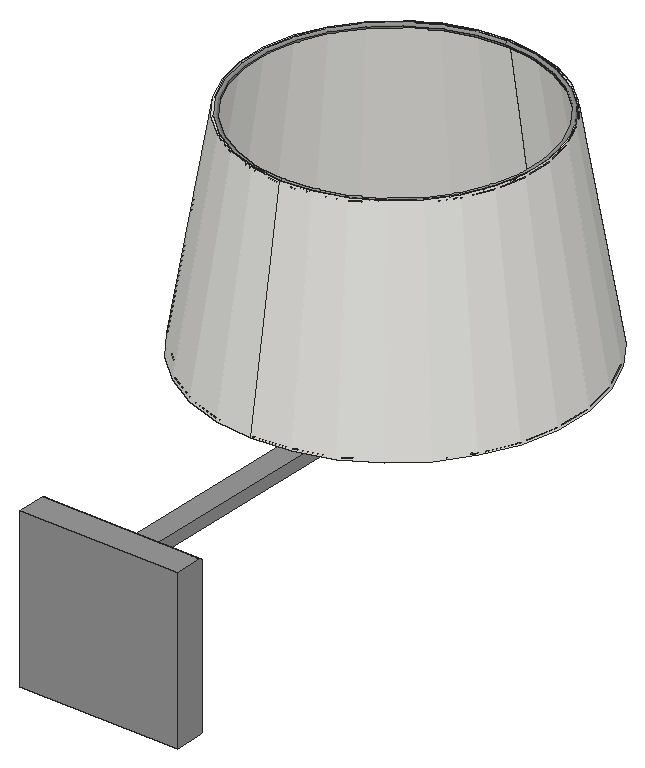
Revit family "Indoor_Wall Lamp_Santa&Cole_Americana", category Luminarias, Revit 2018
Family settings
  Cota de conector redondo = Diámetro de uso
  Tipo de pieza = Normal
  Número OmniClass = 23.80.70.00
  Título OmniClass = Lighting
  Se basa en plano de trabajo = Sí
  Siempre vertical = Sí
  Corte con vacíos al cargar = No
  Origen de luz = Sí
  Compartido = No
  Punto de cálculo de habitación = No
Parameters (values of type "Americana")
  Voltaje (90-305 V) = 220 V
  Wattage = 3.16409 W
  URL = "https://www.santacole.com/en/catalogue/wall-lamps/americana"
  Technical Information = "https://www.santacole.com/recursos/productos/downloads/pdf_espec_tecnicas/AMERICANA_ht_en.pdf"
  built-in parameter 1150110 = 1 (stored number, unit not read)
  Modelo = "Americana"
  Manufacturer website = "https://www.santacole.com"
  built-in parameter 1114217 = 1 (stored number, unit not read)
  built-in parameter 1150109 = 1 (stored number, unit not read)
  Fabricante = "Santa & Cole"
  Energy Label = "https://www.santacole.com/recursos/productos/downloads/pdf_energy_label/Energy%20Label_AMERICANA_without_bulb.pdf"
  Default Elevation = 1219.2 mm
  Designed by = "Miguel Milá. 1964"
  Contact phone = "+34.938.619.100"
  Contact e-mail = "info@santacole.com"
  built-in parameter 1150134 = (empty or 0)
  built-in parameter 1150113 = 1 (stored number, unit not read)
  Lumens = 470 lm
  built-in parameter 1150115 = 1 (stored number, unit not read)
  built-in parameter 1150105 = 37.401 (stored number, unit not read)
  Tamaño de símbolo de origen de luz = 50 mm
  built-in parameter 1150137 = (empty or 0)
  built-in parameter 1150139 = (empty or 0)
  built-in parameter 1150112 = 1 (stored number, unit not read)
  built-in parameter 1150114 = 1 (stored number, unit not read)
  built-in parameter 1150132 = 2
  built-in parameter 1150102 = (empty or 0)
  built-in parameter 1150138 = (empty or 0)
  built-in parameter 1150107 = 2700 (stored number, unit not read)
  built-in parameter 1150106 = 0.37401 (stored number, unit not read)
  built-in parameter 1150104 = 13.8 (stored number, unit not read)
  Code = "SAM12+SAMP8"
  Carga aparente = 4.5 VA
  Dimming Lamp Color Temperature Shift = (empty or 0)
  Color Filter = 16777215
  built-in parameter 1114218 = 1 (stored number, unit not read)
  Assembly instructions - UL = "https://www.santacole.com/recursos/productos/downloads/pdf_montaje/AMERICANA_aplique_im_UL.pdf"
  Assembly instructions - CE = "https://www.santacole.com/recursos/productos/downloads/pdf_montaje/AMERICANA_aplique_im.pdf"
  built-in parameter 1150133 = 10 (stored number, unit not read)
Reference planes
  plane 1 "Eje de origen de luz (F/P)": y = 0
  plane 2: z = 0
  plane 3 "Eje de origen de luz (I/D)": x = 0
  plane 4 "Elevación de origen de luz": z = 205
Forms (mm)
  Blend 1, solid, not visible
    base sketch origin (36.867, 153.179, 1765.164) x (-0.551937, 0.833886, 0) y (-0.833886, -0.551937, 0)
      loop
        line (-50.966, 0.411) -> (-50.966, -0.489) -> (-50.043, -0.489) -> (-50.043, 0.411) -> (-50.966, 0.411)
    top sketch origin (36.867, 153.179, 1765.164) x (-0.551937, 0.833886, 0) y (-0.833886, -0.551937, 0)
      loop
        line (-47.638, 0.875) -> (-47.638, 1.775) -> (-48.561, 1.775) -> (-48.561, 0.875) -> (-47.638, 0.875)
    from -112.076 to -105.022
  Blend 2, solid, not visible
    base sketch origin (-50.305, 123.446, 1917.584) x (0.96363, 0.267238, 0) y (-0.267238, 0.96363, 0)
      loop
        line (-50.966, 0.411) -> (-50.966, -0.489) -> (-50.043, -0.489) -> (-50.043, 0.411) -> (-50.966, 0.411)
    top sketch origin (-50.305, 123.446, 1917.584) x (0.96363, 0.267238, 0) y (-0.267238, 0.96363, 0)
      loop
        line (-47.638, 0.875) -> (-47.638, 1.775) -> (-48.561, 1.775) -> (-48.561, 0.875) -> (-47.638, 0.875)
    from -112.484 to -105.022
  Sweep 3, solid, not visible
    path origin (294.44, -207.288, 170.345) x (0, -1, 0) y (0, 0, 1)
      loop
        line (-293, 1511.9) -> (-278.776, 1511.9) -> (-221.503, 1484.838)
    profile origin (294.44, 78.6, 1682.245) x (0, 0, 1) y (-1, 0, 0)
      loop
        circle (-1, 330.796) r 1
  Extrusion 4, solid, material "Santa & Cole - Nickel"
    sketch origin (0, 0, 0) x (0, 1, 0) y (0, 0, 1)
      loop
        line (19.72, 110) -> (0, 110) -> (0, 0) -> (19.7, 0)
        arc (19.7, 0) -> (20.619, 0.381) -> (21, 1.3) r 1.3
        line (21, 1.3) -> (21, 108.72)
        arc (21, 108.72) -> (20.625, 109.625) -> (19.72, 110) r 1.28
    from -55 to 55
  Extrusion 5, solid, material "Santa & Cole - Nickel"
    sketch origin (1.878, 0, 0) x (1, 0, 0) y (0, 1, 0)
      loop
        line (-11.878, 21) -> (8.122, 21) -> (8.122, 35)
        arc (8.122, 35) -> (-1.878, 45) -> (-11.878, 35) r 10
        line (-11.878, 35) -> (-11.878, 21)
    from 25.5 to 84.5
  Revolve 6, solid, material "Santa & Cole - Nickel"
    sketch origin (0, 0, 0) x (0, 1, 0) y (0, 0, 1)
      loop
        line (43, 85.5) -> (35, 85.5) -> (35, 84.5) -> (43, 84.5) -> (43, 85.5)
      axis (35, 85.5) -> (35, 84.5)
    angle from 0 to 360
  Extrusion 7, solid, material "Santa & Cole - Nickel"
    sketch origin (0, 0, 0) x (1, 0, 0) y (0, 1, 0)
      loop
        arc (-8, 35) -> (0, 27) -> (8, 35) r 8
        line (8, 35) -> (8, 259)
        arc (8, 259) -> (0, 267) -> (-8, 259) r 8
        line (-8, 259) -> (-8, 35)
    from 85.5 to 93.5
  Revolve 8, solid, material "Santa & Cole - Nickel"
    sketch origin (0, 0, 0) x (0, 1, 0) y (0, 0, 1)
      loop
        line (266.5, 114.5) -> (259, 114.5) -> (259, 93.5) -> (266.5, 93.5) -> (266.5, 114.5)
      axis (259, 114.5) -> (259, 93.5)
    angle from 0 to 360
  Revolve 9, solid, material "Santa & Cole - Nickel"
    sketch origin (0, 0, 0) x (0, 1, 0) y (0, 0, 1)
      loop
        line (268, 116.1) -> (259, 116.1) -> (259, 114.5) -> (268, 114.5) -> (268, 116.1)
      axis (259, 116.1) -> (259, 114.5)
    angle from 0 to 360
  Revolve 10, solid
    sketch origin (0, 0, 0) x (0, 1, 0) y (0, 0, 1)
      loop
        line (278, 168.8) -> (278, 174.1) -> (259, 174.1) -> (259, 116.1) -> (269.35, 116.1)
        arc (269.35, 116.1) -> (274.491, 122.558) -> (276.35, 130.6) r 18.692
        line (276.35, 130.6) -> (278, 131.7) -> (278, 149.8) -> (289, 149.8) -> (289, 150.8) -> (283.5, 150.8) -> (282.437, 152.572) -> (282.437, 153.8) -> (286.5, 153.8) -> (286.5, 155.8) -> (280.125, 161.3) -> (280.125, 168.8) -> (278, 168.8)
      axis (259, 174.1) -> (259, 116.1)
    angle from 0 to 360
  Sweep 11, solid, material "Santa & Cole - Nickel"
    path origin (0, 0, 0) x (0, 1, 0) y (0, 0, 1)
      loop
        line (134.945, 119.444) -> (220.096, 153.339)
        arc (220.096, 153.339) -> (221.276, 153.684) -> (222.5, 153.8) r 6.5
        line (222.5, 153.8) -> (234.5, 153.8)
    profile origin (0, 228.5, 153.8) x (0, 0, 1) y (1, 0, 0)
      loop
        circle (-1.5, 0) r 1.5
  Sweep 12, solid, material "Santa & Cole - Nickel"
    path origin (224.301, 388.5, 0) x (-0.866025, -0.5, 0) y (0, 0, 1)
      loop
        line (134.945, 119.444) -> (220.096, 153.339)
        arc (220.096, 153.339) -> (221.276, 153.684) -> (222.5, 153.8) r 6.5
        line (222.5, 153.8) -> (234.5, 153.8)
    profile origin (26.414, 274.25, 153.8) x (0, 0, 1) y (-0.5, 0.866025, 0)
      loop
        circle (-1.5, 0) r 1.5
  Sweep 13, solid, material "Santa & Cole - Nickel"
    path origin (-224.301, 388.5, 0) x (0.866025, -0.5, 0) y (0, 0, 1)
      loop
        line (134.945, 119.444) -> (220.096, 153.339)
        arc (220.096, 153.339) -> (221.276, 153.684) -> (222.5, 153.8) r 6.5
        line (222.5, 153.8) -> (234.5, 153.8)
    profile origin (-26.414, 274.25, 153.8) x (0, 0, 1) y (-0.5, -0.866025, 0)
      loop
        circle (-1.5, 0) r 1.5
  Revolve 14, solid, material "Santa & Cole - Nickel"
    sketch origin (0, 0, 0) x (0, 1, 0) y (0, 0, 1)
      loop
        circle (135.5, 118.05) r 1.5
      loop
        circle (160.5, 265.05) r 1.5
      axis (259, 118.05) -> (259, 265.05)
    angle from 0 to 360
  Revolve 15, solid, material "Santa & Cole - White Linen"
    sketch origin (0, 0, 0) x (0, 1, 0) y (0, 0, 1)
      loop
        line (159.255, 266.55) -> (158.455, 266.55) -> (132.945, 116.55) -> (133.745, 116.55) -> (159.255, 266.55)
      axis (259, 116.55) -> (259, 266.55)
    angle from 0 to 360
Dimensions and locks
  aligned and locked: plane 3 "Eje de origen de luz (I/D)" to imposter light
  aligned and locked: plane 4 "Elevación de origen de luz" to imposter light
  aligned and locked: level to plane 2
Connectors
  electrical at (0, 0, 55), driven by "Voltaje (90-305 V)", driven by "Carga aparente"
    settings: on Extrusion 4, index 1, voltage 220 V, apparent load 0 VA, apparent load phase1 4.5 VA, apparent load phase2 0 VA, apparent load phase3 0 VA, power factor 1, load classification "Iluminación", number of poles 1, system type 31, power factor state 1, is connector primary yes, connector utility no, sub classification motor no, connector description ""
